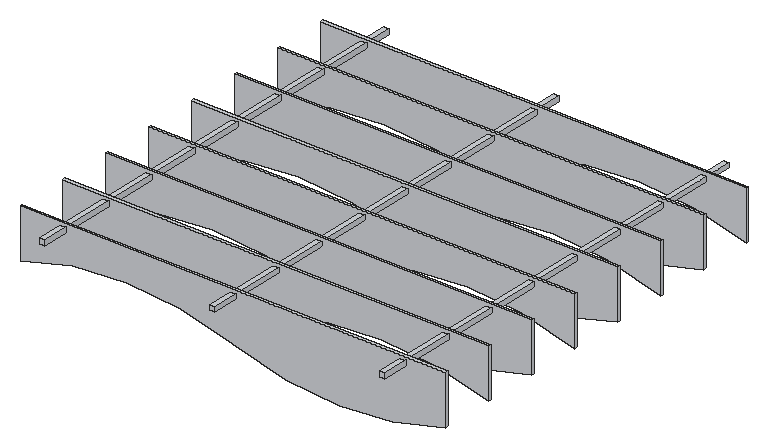
Revit family "J2 PET Felt Wave Baffle System B", category Specialty Equipment, Revit 2021
Family settings
  Round Connector Dimension = Use Diameter
  Part Type = Normal
  Work Plane-Based = No
  Always vertical = Yes
  Cut with Voids When Loaded = No
  Shared = No
  Room Calculation Point = No
Parameters (values of type "Wave Baffle System A 8'-0"x7'-11"x11"")
  Overall Width (Max. 7'-11") = 7' - 11"
  URL = "https://www.j2systems.net/"
  Symbol Name = "CSBSWV-B"
  Style Number = "CSBSWV-B"
  Release Date = "2019"
  Product Line = "Ceiling System"
  Number of Support Rails Needed = if([Overall Width (Max. 7'-11")] > 5' 6", 3, 2)  # 3
  Felt Color B = none
  End Spacing B = ([Nominal Length (Max. 8'-0")] / [Number of "A" Baffles] / 4 * 3)  # 1' - 6"
  End Spacing A = ([Nominal Length (Max. 8'-0")] / [Number of "A" Baffles] / 4)  # 0' - 6"
  Number of "B" Baffles (equal to "A" baffles) = 4
  Number of "A" Baffles = [Number of "B" Baffles (equal to "A" baffles)]  # 4
  Model = "Wave Baffle System B"
  Manufacturer = "J2 Systems"  # constant formula
  Nominal Length (Max. 8'-0") = 8' - 0"
  Felt Color A = none
  Default Elevation = 0' - 0"
  Baffle Spacing [instance] = 1' - 0"
  Baffle Height at ends (Max. 3'-8") = 0' - 11"
Types (2): name | Overall Width (Max. 7'-11") | Number of Support Rails Needed | End Spacing B | End Spacing A | Number of "B" Baffles (equal to "A" baffles) | Number of "A" Baffles | Baffle Spacing
  Wave Baffle System A 8'-0"x7'-11"x11" | 7' - 11" | 3 | 1' - 6" | 0' - 6" | 4 | 4 | 1' - 0"
  Wave Baffle System A 8'-0"x3'-11"x11" | 3' - 11" | 2 | 0' - 9" | 0' - 3" | 8 | 8 | 0' - 6"
Reference planes (in)
  plane 1 "Center (Front/Back)": y = 0
  plane 2: z = 0
  plane 3 "Center (Left/Right)": x = 0
  plane 4: y = 48
  plane 5: y = -48
  plane 6: x = -47.5
  plane 7: x = 47.5
  plane 8 "Top Edge": z = 11
  plane 9: y = 42
  plane 10: y = -42
  plane 11 "Center L/S": z = 10.25
  plane 12: y = 30
  plane 13: y = -30
Dimensions and locks (in)
  equal spacing: plane 4, plane 1 "Center (Front/Back)", plane 5
  equal spacing: plane 6, plane 3 "Center (Left/Right)", plane 7
  "Nominal Length (Max. 8'-0")": plane 4 to plane 5
  "Overall Width (Max. 7'-11")": plane 6 to plane 7
  "Baffle Height at ends (Max. 3'-8")": plane 8 "Top Edge" to level
  locked: plane 6 to nested 1 at 9
  equal spacing: group 1, group 11, group 2  (x3)
  locked: nested 2 to plane 7 at 9
  "End Spacing A": plane 4 to plane 9
  "End Spacing A": plane 10 to plane 5
  plane 8 "Top Edge" to plane 11 "Center L/S" = 0' - 0 3/4"
  "End Spacing B": plane 4 to plane 12
  "End Spacing B": plane 13 to plane 5
  "Baffle Spacing": plane 9 to plane 12
  equal spacing: group 3, group 5, group 9, group 4  (x2)
  equal spacing: group 4, group 9, group 5, group 3
  equal spacing: group 6, group 8, group 10, group 7  (x2)
  equal spacing: group 7, group 10, group 8, group 6
  aligned and locked: plane 2 to level
  aligned and locked: plane 11 "Center L/S" to nested 2
  aligned and locked: plane 11 "Center L/S" to nested 1
  aligned and locked: nested 3 to plane 9
  aligned and locked: nested 4 to plane 13
  aligned and locked: nested 6 to plane 12
  aligned and locked: nested 7 to plane 10
Nested families (in)
  nested 1: "Aluminum Support Rail" at (-37.9375, 0, 9.125), type "Aluminum Support Rail"
    with Length 8' - 0"
  nested 2: "Aluminum Support Rail" at (37.9375, 0, 9.125), type "Aluminum Support Rail"
    with Length 8' - 0"
  nested 3: "Wave Baffle A" at (0, 42, 0), type "Wave Baffle A"
  nested 4: "Wave Baffle A" at (0, -30, 0), type "Wave Baffle A"
  nested 5: "Wave Baffle A" at (0, 18, 0), type "Wave Baffle A"
  nested 6: "Wave Baffle B" at (0, 30, 0), type "Wave Baffle B"
  nested 7: "Wave Baffle B" at (0, -42, 0), type "Wave Baffle B"
  nested 8: "Wave Baffle B" at (0, 6, 0), type "Wave Baffle B"
  nested 9: "Wave Baffle A" at (0, -6, 0), type "Wave Baffle A"
  nested 10: "Wave Baffle B" at (0, -18, 0), type "Wave Baffle B"
  nested 11: "Aluminum Support Rail" at (0, 0, 9.125), type "Aluminum Support Rail"
    with Length 8' - 0"
Definition of nested family "Aluminum Support Rail"
  Parameters (values of type "Aluminum Support Rail")
    URL = "https://www.j2systems.net/"
    Symbol Name = "CSBFRE"
    Style Number = "CSBFRE"
    Release Date = "2019"
    Product Line = "Ceiling System"
    Model = "Rectangular Baffle Single"
    Manufacturer = "J2 Systems"  # constant formula
    Length = 7' - 11"
    Default Elevation = 0' - 0"
  Reference planes (in)
    plane 1 "Center (Front/Back)": y = 0
    plane 2: z = 0
    plane 3 "Center (Left/Right)": x = 0
    plane 4: y = 47.5
    plane 5: y = -47.5
    plane 6: x = -0.5625
    plane 7: x = 0.5625
    plane 8: z = 11
  Forms (in)
    Extrusion 1, solid
      sketch origin (0, 0, 0) x (1, 0, 0) y (0, 1, 0)
        loop
          line (-0.5625, 47.5) -> (-0.5625, -47.5) -> (0.5625, -47.5) -> (0.5625, 47.5) -> (-0.5625, 47.5)
      from 0 to 1.125
  Dimensions and locks (in)
    equal spacing: plane 6, plane 3 "Center (Left/Right)", plane 7
    locked: plane 8 to level at 11
    equal spacing: plane 4, plane 1 "Center (Front/Back)", plane 5
    plane 6 to plane 7 = 0' - 1 1/8"
    "Length": plane 4 to plane 5
    aligned and locked: plane 2 to level
    aligned and locked: plane 7 to Extrusion 1
    aligned and locked: Extrusion 1 to plane 6
    aligned and locked: Extrusion 1 to plane 5
    aligned and locked: plane 4 to Extrusion 1
  Automatic sketch dimensions
    Extrusion 1 sketch curve to plane 5 = 0' - 0"
    Extrusion 1 sketch curve to plane 6 = 0' - 0"
    Extrusion 1 sketch curve to plane 7 = 0' - 0"
    Extrusion 1 sketch curve to plane 4 = 0' - 0"
Definition of nested family "Wave Baffle A"
  Parameters (values of type "Wave Baffle A")
    URL = "https://www.j2systems.net/"
    Symbol Name = "CSBFWV"
    Style Number = "CSBFWV"
    Release Date = "2019"
    Product Line = "Ceiling System"
    Model = "Wave Baffle Single"
    Manufacturer = "J2 Systems"  # constant formula
    Baffle Length (Max. 7'-11") = 7' - 11"
    Felt Color = none
    Default Elevation = 0' - 0"
    Baffle Height (Max. 3'-11") = 0' - 11"
  Reference planes (in)
    plane 1 "Center (Front/Back)": y = 0
    plane 2: z = 0
    plane 3 "Center (Left/Right)": x = 0
    plane 4: y = 0.25
    plane 5: y = -0.25
    plane 6: x = -47.5
    plane 7: x = 47.5
    plane 8: z = 11
    plane 9: x = -23.75
    plane 10: x = 23.75
  Forms (in)
    Extrusion 1, solid, material <- "Felt Color"
      sketch origin (0, 0, 0) x (1, 0, 0) y (0, 0, 1)
        loop
          arc (-47.5, 0) -> (-23.75, -4) -> (0, 0) r 72.50781
          arc (0, 0) -> (23.75, 4) -> (47.5, 0) r 72.50781
          line (47.5, 0) -> (47.5, 11) -> (-47.5, 11) -> (-47.5, 0)
      from -0.25 to 0.25
  Dimensions and locks (in)
    plane 6 to plane 9 to plane 3 "Center (Left/Right)" to plane 10 to plane 7 = 1' - 11 3/4", 1' - 11 3/4", 1' - 11 3/4", 1' - 11 3/4"
    "Baffle Length (Max. 7'-11")": plane 6 to plane 7
    "Baffle Height (Max. 3'-11")": plane 8 to level
    equal spacing: plane 7, plane 10, plane 3 "Center (Left/Right)", plane 9, plane 6
    aligned and locked: plane 2 to level
    aligned and locked: plane 7 to Extrusion 1 sketch curve
    aligned and locked: plane 3 "Center (Left/Right)" to Extrusion 1 sketch curve  (x2)
    aligned and locked: plane 6 to Extrusion 1 sketch curve
    aligned and locked: plane 7 to Extrusion 1
    aligned and locked: plane 8 to Extrusion 1
    aligned and locked: Extrusion 1 to plane 6
  Automatic sketch dimensions
    Extrusion 1 sketch curve to plane 9 = 0' - 0"
    plane 10 to Extrusion 1 sketch curve = 0' - 0"
    Extrusion 1 sketch curve to level = 0' - 0"
    Extrusion 1 sketch curve to plane 8 = 0' - 0"
    Extrusion 1 sketch curve to level = 5' - 8 65/128"
Definition of nested family "Wave Baffle B"
  Parameters (values of type "Wave Baffle B")
    URL = "https://www.j2systems.net/"
    Symbol Name = "CSBFWV"
    Style Number = "CSBFWV"
    Release Date = "2019"
    Product Line = "Ceiling System"
    Model = "Wave Baffle Single"
    Manufacturer = "J2 Systems"  # constant formula
    Baffle Length (Max. 7'-11") = 7' - 11"
    Felt Color = none
    Default Elevation = 0' - 0"
    Baffle Height (Max. 3'-11") = 0' - 11"
  Reference planes (in)
    plane 1 "Center (Front/Back)": y = 0
    plane 2: z = 0
    plane 3 "Center (Left/Right)": x = 0
    plane 4: y = 0.25
    plane 5: y = -0.25
    plane 6: x = -47.5
    plane 7: x = 47.5
    plane 8: z = 11
    plane 9: x = -23.75
    plane 10: x = 23.75
    plane 11: z = -4
    plane 12: z = 4
  Forms (in)
    Extrusion 1, solid, material <- "Felt Color"
      sketch origin (0, 0, 0) x (1, 0, 0) y (0, 0, 1)
        loop
          line (47.5, 0) -> (47.5, 11) -> (-47.5, 11) -> (-47.5, 0)
          arc (-47.5, 0) -> (-23.75, 4) -> (0, 0) r 72.50781
          arc (0, 0) -> (23.75, -4) -> (47.5, 0) r 72.50781
      from -0.25 to 0.25
  Dimensions and locks (in)
    plane 6 to plane 9 to plane 3 "Center (Left/Right)" to plane 10 to plane 7 = 1' - 11 3/4", 1' - 11 3/4", 1' - 11 3/4", 1' - 11 3/4"
    "Baffle Length (Max. 7'-11")": plane 6 to plane 7
    "Baffle Height (Max. 3'-11")": plane 8 to level
    equal spacing: plane 7, plane 10, plane 3 "Center (Left/Right)", plane 9, plane 6
    aligned and locked: plane 2 to level
    aligned and locked: plane 6 to Extrusion 1 sketch curve
    aligned and locked: plane 3 "Center (Left/Right)" to Extrusion 1 sketch curve  (x2)
    aligned and locked: plane 7 to Extrusion 1 sketch curve
    aligned and locked: Extrusion 1 to plane 6
    aligned and locked: plane 8 to Extrusion 1
    aligned and locked: plane 7 to Extrusion 1
  Automatic sketch dimensions
    plane 9 to Extrusion 1 sketch curve = 0' - 0"
    Extrusion 1 sketch curve to plane 10 = 0' - 0"
    Extrusion 1 sketch curve to level = 0' - 0"
    Extrusion 1 sketch curve to plane 8 = 0' - 0"
    Extrusion 1 sketch curve to plane 11 = 5' - 4 65/128"
